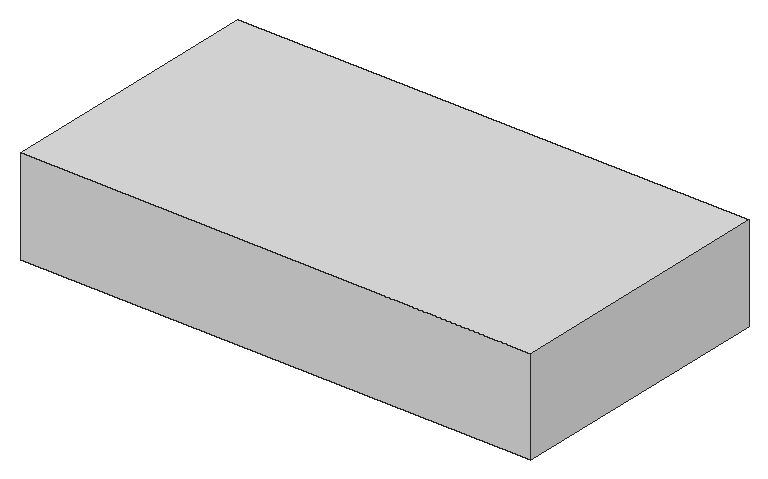
Revit family "Kubus ER-AP LED Sentr (takmontasje)", category Lighting Fixtures, Revit 2013
Parameters (values of type "Type 1")
  Wattage = 9.2903 W
  built-in parameter 1150110 = 1 (stored number, unit not read)
  built-in parameter 1114217 = 1 (stored number, unit not read)
  Tilt Angle = 90.00°
  built-in parameter 1150109 = 1 (stored number, unit not read)
  built-in parameter 1150134 = 3
  built-in parameter 1150113 = 1 (stored number, unit not read)
  Photometric Web File = "2x4 3Lamp.ies"
  Number of Poles = 1
  Symbol Positive Direction [instance] = yes
  built-in parameter 1150105 = 109.82 (stored number, unit not read)
  Lumens = 1380 lm
  built-in parameter 1150115 = 1 (stored number, unit not read)
  built-in parameter 1150137 = (empty or 0)
  built-in parameter 1150139 = (empty or 0)
  built-in parameter 1150112 = 1 (stored number, unit not read)
  built-in parameter 1150114 = 1 (stored number, unit not read)
  built-in parameter 1150132 = (empty or 0)
  built-in parameter 1150102 = (empty or 0)
  built-in parameter 1150107 = 3200 (stored number, unit not read)
  built-in parameter 1150138 = (empty or 0)
  built-in parameter 1150106 = 1.0982 (stored number, unit not read)
  Height = 70 mm
  Voltage = 230 V
  Symbol Offset Side [instance] = 0 mm
  Symbol Offset Out [instance] = 0 mm
  Material = Plastic - White
  Loads [instance] = 0 VA
  Length B = 200 mm
  Length A = 376 mm
  Glass Material = Plastic - Glass
  Emit from Rectangle Width = Length B  # 200 mm
  Emit from Rectangle Length = Length A  # 376 mm
  Emit Shape Visible in Rendering = no
  built-in parameter 1150104 = 13.8 (stored number, unit not read)
  Dimming Lamp Color Temperature Shift = <None>
  Color Filter = 16777215
  built-in parameter 1114218 = 1 (stored number, unit not read)
  built-in parameter 1150133 = 10 (stored number, unit not read)
Reference planes
  plane 1 "Light Source Axis (F/B)": y = 0
  plane 2: z = 0
  plane 3 "Light Source Axis (L/R)": x = 0
  plane 4 "Light Source Elevation": z = 0
  plane 5: z = -70
  plane 6: z = -10
  plane 7: y = 100
  plane 8: x = 188
  plane 9: y = -100
  plane 10: x = -188
  plane 11: y = 90
  plane 12: y = -90
  plane 13: x = -178
  plane 14: x = 178
  plane 15: z = -67
Forms (mm)
  Extrusion 1, solid, material "Plastic - White" <- "Material"
    sketch origin (0, 0, 0) x (1, 0, 0) y (0, 1, 0)
      loop
        line (-188, 100) -> (-188, -100) -> (188, -100) -> (188, 100) -> (-188, 100)
      loop
        line (-178, 90) -> (-178, -90) -> (178, -90) -> (178, 90) -> (-178, 90)
    from -10 to -70
  Extrusion 2, solid, material "Plastic - White" <- "Material"
    sketch origin (0, 0, 0) x (1, 0, 0) y (0, 0, 1)
      loop
        line (-188, 0) -> (-188, -10) -> (188, -10) -> (188, 0) -> (-188, 0)
    from -100 to 100
  Extrusion 3, solid, material "Plastic - Glass" <- "Glass Material"
    sketch origin (0, 0, 0) x (1, 0, 0) y (0, 1, 0)
      loop
        line (-178, 90) -> (-178, -90) -> (178, -90) -> (178, 90) -> (-178, 90)
    from -70 to -67
Cuts and joins
  joined: Extrusion 1, Extrusion 2
Lines and regions (mm)
  model lines, style "InvisibleLines"
    curve 1: line (0, 0, 0) -> (0, 0, -67)
Dimensions and locks
  plane 4 "Light Source Elevation" to plane 2 = 0 mm
  "Height": plane 4 "Light Source Elevation" to plane 5
  locked: level to plane 6 at 10
  equal spacing: plane 10, plane 3 "Light Source Axis (L/R)", plane 8
  equal spacing: plane 7, plane 1 "Light Source Axis (F/B)", plane 9
  "Length A": plane 10 to plane 8
  "Length B": plane 7 to plane 9
  locked: plane 7 to plane 11 at 10
  locked: plane 9 to plane 12 at 10
  locked: plane 10 to plane 13 at 10
  locked: plane 14 to plane 8 at 10
  locked: plane 15 to plane 5 at 3
  aligned and locked: plane 2 to level
  aligned and locked: plane 1 "Light Source Axis (F/B)" to nested 1
  aligned and locked: plane 3 "Light Source Axis (L/R)" to nested 1
  aligned and locked: Extrusion 1 sketch curve to plane 7
  aligned and locked: plane 10 to Extrusion 1 sketch curve
  aligned and locked: plane 9 to Extrusion 1 sketch curve
  aligned and locked: Extrusion 1 sketch curve to plane 8
  aligned and locked: imposter light to plane 3 "Light Source Axis (L/R)"
  aligned and locked: imposter light to plane 5
  aligned and locked: imposter light to plane 1 "Light Source Axis (F/B)"
  aligned and locked: Extrusion 1 to plane 5
  aligned and locked: Extrusion 1 sketch curve to plane 11
  aligned and locked: plane 13 to Extrusion 1 sketch curve
  aligned and locked: Extrusion 1 sketch curve to plane 12
  aligned and locked: Extrusion 1 sketch curve to plane 14
  aligned and locked: plane 6 to Extrusion 1
  aligned and locked: Extrusion 1 to plane 6
  aligned and locked: plane 10 to Extrusion 2 sketch curve
  aligned and locked: Extrusion 2 sketch curve to plane 8
  aligned and locked: plane 4 "Light Source Elevation" to Extrusion 2 sketch curve
  aligned and locked: plane 6 to Extrusion 2 sketch curve
  aligned and locked: plane 7 to Extrusion 2
  aligned and locked: Extrusion 2 to plane 9
  aligned and locked: Extrusion 3 sketch curve to cut or joined group of Extrusion 1, Extrusion 2  (x4)
  aligned and locked: Extrusion 3 to plane 5
  aligned and locked: plane 15 to Extrusion 3
Automatic sketch dimensions
  curve 1 to plane 3 "Light Source Axis (L/R)" = 0 mm
  plane 5 to curve 1 = 3 mm
  curve 1 to level = 0 mm
Nested families
  nested 1: "LedelysS" at (0, 0, 0), type "Type 1"
Connectors
  electrical at (0, 0, 0), driven by "Voltage", driven by "Loads", driven by "Number of Poles", driven by "Loads"
    settings: on plane 4 "Light Source Elevation", index 1, voltage 230 V, apparent load 0 VA, apparent load phase1 0 VA, apparent load phase2 0 VA, apparent load phase3 0 VA, power factor 1, load classification "Lighting", number of poles 1, system type 30, power factor state 1, is connector primary yes, connector utility no, sub classification motor no, connector description ""
Definition of nested family "LedelysS"
  Parameters (values of type "Type 1")
    CQ Symbol Positive Direction = yes
    CQ Symbol Negative Direction = not(CQ Symbol Positive Direction)  # no
    CQ Symbol Offset Side = 0 mm
    CQ Symbol Offset Out = 0 mm
  Reference planes
    plane 1: y = 0
    plane 2: x = 0
  Dimensions and locks
    "CQ Symbol Offset Out": plane 1 to nested 1
    "CQ Symbol Offset Out": plane 1 to nested 2
    "CQ Symbol Offset Side": plane 2 to nested 2
    "CQ Symbol Offset Side": nested 1 to plane 2
  Nested families
    nested 1: "LedelysSub" at (0, 0, 0), visible <- "CQ Symbol Negative Direction", type "Type 1"
    nested 2: "LedelysSub" at (0, 0, 0), visible <- "CQ Symbol Positive Direction", type "Type 1"
  Definition of nested family "LedelysSub"
    Reference planes
      plane 1: y = 0
      plane 2: x = 0
    Lines and regions (mm)
      detail lines
        curve 1: line (-4, -2, 0) -> (4, -2, 0)
        curve 2: line (4, -2, 0) -> (4, 2, 0)
        curve 3: line (4, 2, 0) -> (-4, 2, 0)
        curve 4: line (-4, 2, 0) -> (-4, -2, 0)
        curve 5: line (-3.097, -1.25, 0) -> (-0.597, 1.25, 0)
        curve 6: line (-3.097, 1.25, 0) -> (-0.597, -1.25, 0)
        curve 7: circle (-1.847, 0, 0) r 1.2 normal (0, 0, 1)
    Text (mm)
      text "LL" at (2.179, 1.025, 0)
